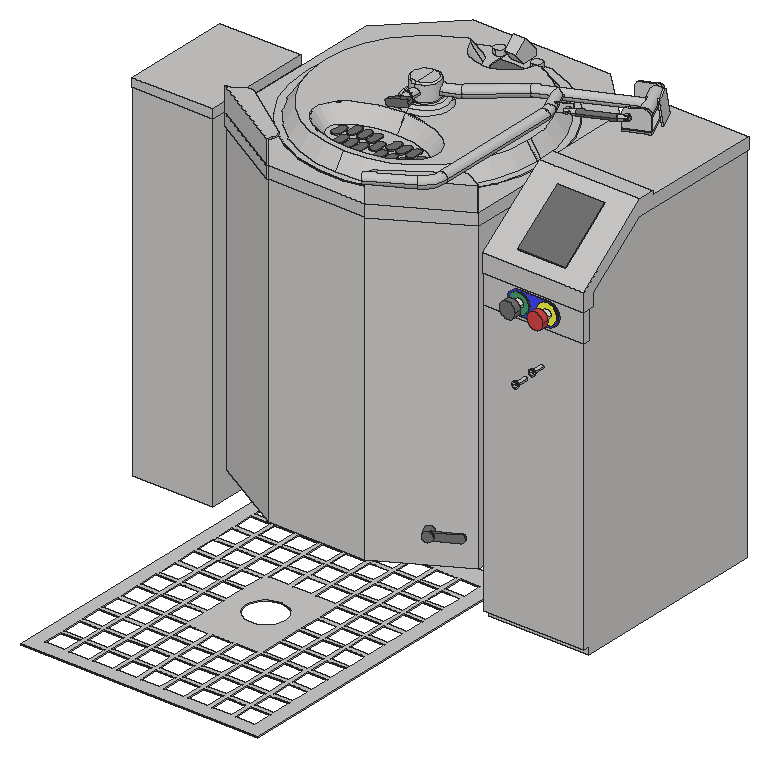
Revit family "QF_DIETATEC_CELER_100_180516035603", category Specialty Equipment, Revit 2015
Parameters
  Width [instance] = 1154 mm
  Weight in Pounds [instance] = 363.759
  Volts [instance] = 400 V
  URL Cutsheet [instance] = ""
  URL = "www.dietatec.com"
  Status [instance] = ""
  Specification by User [instance] = ""
  Specification by Manufacturer [instance] = ""
  Serial Number [instance] = "CELER_100"
  Seismic Rating [instance] = ""
  SMACNA No [instance] = ""
  Revision Code [instance] = ""
  Phase [instance] = 0
  Number of Poles [instance] = 3
  NAFEM Spec ID Number [instance] = ""
  Model = "57633"
  Min Ckt Ampacity [instance] = 0 A
  Max Overcurrent Protection [instance] = 0 A
  Masterspec [instance] = ""
  Manufacturer = "DIETATEC"
  ListPrice [instance] = 0
  Item Number [instance] = ""
  Installed By [instance] = ""
  Identify Quantity as Lot [instance] = yes
  Height [instance] = 1000 mm
  HP [instance] = ""
  Furnished By [instance] = ""
  Foodservice Equipment Identifier [instance] = yes
  FL Amps [instance] = 32 A
  Elec Conn RI Height [instance] = 0 mm
  Elec Conn Connection Height [instance] = 120 mm
  Description = "DIETA CELER 100 KETTLE, ELECTRIC MODEL"
  Depth [instance] = 770 mm
  Cycle [instance] = 50 Hz
  Conn Plug [instance] = ""
  Conn Conduit [instance] = yes
  CSI MasterFormat [instance] = ""
  Assembly Code = "E1090320"
  Apparent Power [instance] = 14500 VA
Reference planes
  plane 1 "Center (Front/Back)": y = 0
  plane 2: z = 0
  plane 3 "Center (Left/Right)": x = 0
Forms (mm)
  Extrusion 1, solid, not visible
    sketch origin (803.5, -97.5, 120) x (1, 0, 0) y (0, 1, 0)
      loop
        line (0, 0) -> (2, 0) -> (2, 2) -> (0, 2) -> (0, 0)
    from 0 to 2
Dimensions and locks
  aligned and locked: level to plane 2
Nested families
  nested 1: "QF_Dietatec_CELER_100_FL" at (0, 0, 0), type "57633_400_3"
    with Width 1154 mm, Status "", Specification by User "", Show Logo yes, Show Clearance yes, Revision Code "", Plumbing Remarks "", Plumbing Connection Type "", Number of Poles 3, ListPrice 0, Item Number "", Installed By "", Identify Quantity as Lot no, Height 1000 mm, Furnished By "", Foodservice Equipment Identifier yes, Electrical Remarks "", Electric Connection Type "", Elec Conn RI Height 0 mm, Elec Conn Connection Height 120 mm, Depth 770 mm, Conn Conduit no, Cold Water RI Height 120 mm, Cold Water Flow 0.0 L/s, Cold Water Consumption "", Cold Water Connection Height 120 mm
  nested 2: "QF_Dietatec_KETTLE_LEFT_LEG" at (0, 0, 0), type "KETTLE_LEFT_LEG"
    with Width 275 mm, Status "", Specification by User "", Show Logo yes, Show Clearance yes, Revision Code "", ListPrice 0, Item Number "", Installed By "", Identify Quantity as Lot no, Height 900 mm, Furnished By "", Foodservice Equipment Identifier yes, Depth 200 mm
Connectors
  electrical at (804.5, -95.5, 121), driven by "Volts"
    settings: on Extrusion 1, index 1, voltage 400 V, apparent load 14500 VA, apparent load phase1 0 VA, apparent load phase2 0 VA, apparent load phase3 0 VA, power factor 1, load classification "Other", number of poles 1, system type 30, power factor state 1, is connector primary yes, connector utility no, sub classification motor no, connector description "Electrical connection"
Definition of nested family "QF_Dietatec_CELER_100_FL"
  Parameters (values of type "57633_400_3")
    Width [instance] = 0 mm
    Weight in Pounds = 363.7623
    Watts = 14500 W
    Volts = 400 V
    URL Cutsheet = "www.dietatec.com"
    URL = "www.dietatec.com"
    Status [instance] = ""
    Specification by User [instance] = ""
    Specification by Manufacturer = ""
    Show Logo [instance] = yes
    Show Clearance [instance] = yes
    Serial Number = ""
    Seismic Rating = ""
    SMACNA No = ""
    Revision Code [instance] = ""
    Plumbing Remarks [instance] = ""
    Plumbing Connection Type [instance] = ""
    Phase = 3
    Number of Poles [instance] = 3
    NAFEM Spec ID Number = ""
    Model = "57633.000000000000"
    Min Ckt Ampacity = 0 A
    Max Overcurrent Protection = 0 A
    Masterspec = ""
    Manufacturer = "DIETATEC"
    ListPrice [instance] = 0
    Item Number [instance] = ""
    Installed By [instance] = ""
    Identify Quantity as Lot [instance] = no
    Height [instance] = 0 mm
    HP = "19.444790000000"
    Furnished By [instance] = ""
    Foodservice Equipment Identifier [instance] = yes
    FL Amps = 32 A
    Electrical Remarks [instance] = ""
    Electric Connection Type [instance] = ""
    Elec Conn RI Height [instance] = 0 mm
    Elec Conn Connection Height [instance] = 120 mm
    Description = "DIETA CELER 100 KETTLE, ELECTRIC MODEL"
    Depth [instance] = 0 mm
    Cycle = 50 Hz
    Conn Plug = ""
    Conn Conduit [instance] = no
    Cold Water Temperature Recommended = 0 °C
    Cold Water Size = 12.7 mm
    Cold Water RI Height [instance] = 120 mm
    Cold Water Minimum Pressure = 20000.0 Pa
    Cold Water Maximum Pressure = 50000.0 Pa
    Cold Water Flow [instance] = 0.0 L/s
    Cold Water Consumption [instance] = ""
    Cold Water Connection Height [instance] = 120 mm
    CSI MasterFormat = ""
    Assembly Code = "E1090320"
    Apparent Power = 14500 VA
  Reference planes
    plane 1 "Back": y = 0
    plane 2: z = 0
    plane 3 "Left": x = 0
    plane 4 "Right": x = 950.5
    plane 5 "Front": y = -769.992
    plane 6 "Top": z = 1000
  Forms (mm)
    Extrusion 1, solid
      sketch origin (1853.203, 903.185, 150) x (1, 0, 0) y (0, 1, 0)
        loop
          line (-1804.703, -1372.685) -> (-1804.703, -2172.685) -> (-1204.703, -2172.685) -> (-1204.703, -1372.685) -> (-1804.703, -1372.685)
        loop
          line (-1769.703, -1427.685) -> (-1769.703, -1477.685) -> (-1719.703, -1477.685) -> (-1719.703, -1427.685) -> (-1769.703, -1427.685)
        loop
          line (-1709.703, -1427.685) -> (-1709.703, -1477.685) -> (-1659.703, -1477.685) -> (-1659.703, -1427.685) -> (-1709.703, -1427.685)
        loop
          line (-1649.703, -1427.685) -> (-1649.703, -1477.685) -> (-1599.703, -1477.685) -> (-1599.703, -1427.685) -> (-1649.703, -1427.685)
        loop
          line (-1589.703, -1427.685) -> (-1589.703, -1477.685) -> (-1539.703, -1477.685) -> (-1539.703, -1427.685) -> (-1589.703, -1427.685)
        loop
          line (-1529.703, -1427.685) -> (-1529.703, -1477.685) -> (-1479.703, -1477.685) -> (-1479.703, -1427.685) -> (-1529.703, -1427.685)
        loop
          line (-1469.703, -1427.685) -> (-1469.703, -1477.685) -> (-1419.703, -1477.685) -> (-1419.703, -1427.685) -> (-1469.703, -1427.685)
        loop
          line (-1409.703, -1427.685) -> (-1409.703, -1477.685) -> (-1359.703, -1477.685) -> (-1359.703, -1427.685) -> (-1409.703, -1427.685)
        loop
          line (-1349.703, -1427.685) -> (-1349.703, -1477.685) -> (-1299.703, -1477.685) -> (-1299.703, -1427.685) -> (-1349.703, -1427.685)
        loop
          line (-1289.703, -1427.685) -> (-1289.703, -1477.685) -> (-1239.703, -1477.685) -> (-1239.703, -1427.685) -> (-1289.703, -1427.685)
        loop
          line (-1769.703, -1487.685) -> (-1769.703, -1537.685) -> (-1719.703, -1537.685) -> (-1719.703, -1487.685) -> (-1769.703, -1487.685)
        loop
          line (-1709.703, -1487.685) -> (-1709.703, -1537.685) -> (-1659.703, -1537.685) -> (-1659.703, -1487.685) -> (-1709.703, -1487.685)
        loop
          line (-1649.703, -1487.685) -> (-1649.703, -1537.685) -> (-1599.703, -1537.685) -> (-1599.703, -1487.685) -> (-1649.703, -1487.685)
        loop
          line (-1589.703, -1487.685) -> (-1589.703, -1537.685) -> (-1539.703, -1537.685) -> (-1539.703, -1487.685) -> (-1589.703, -1487.685)
        loop
          line (-1529.703, -1487.685) -> (-1529.703, -1537.685) -> (-1479.703, -1537.685) -> (-1479.703, -1487.685) -> (-1529.703, -1487.685)
        loop
          line (-1469.703, -1487.685) -> (-1469.703, -1537.685) -> (-1419.703, -1537.685) -> (-1419.703, -1487.685) -> (-1469.703, -1487.685)
        loop
          line (-1409.703, -1487.685) -> (-1409.703, -1537.685) -> (-1359.703, -1537.685) -> (-1359.703, -1487.685) -> (-1409.703, -1487.685)
        loop
          line (-1349.703, -1487.685) -> (-1349.703, -1537.685) -> (-1299.703, -1537.685) -> (-1299.703, -1487.685) -> (-1349.703, -1487.685)
        loop
          line (-1289.703, -1487.685) -> (-1289.703, -1537.685) -> (-1239.703, -1537.685) -> (-1239.703, -1487.685) -> (-1289.703, -1487.685)
        loop
          line (-1769.703, -1547.685) -> (-1769.703, -1597.685) -> (-1719.703, -1597.685) -> (-1719.703, -1547.685) -> (-1769.703, -1547.685)
        loop
          line (-1709.703, -1547.685) -> (-1709.703, -1597.685) -> (-1659.703, -1597.685) -> (-1659.703, -1547.685) -> (-1709.703, -1547.685)
        loop
          line (-1649.703, -1547.685) -> (-1649.703, -1597.685) -> (-1599.703, -1597.685) -> (-1599.703, -1547.685) -> (-1649.703, -1547.685)
        loop
          line (-1589.703, -1547.685) -> (-1589.703, -1597.685) -> (-1539.703, -1597.685) -> (-1539.703, -1547.685) -> (-1589.703, -1547.685)
        loop
          line (-1529.703, -1547.685) -> (-1529.703, -1597.685) -> (-1479.703, -1597.685) -> (-1479.703, -1547.685) -> (-1529.703, -1547.685)
        loop
          line (-1469.703, -1547.685) -> (-1469.703, -1597.685) -> (-1419.703, -1597.685) -> (-1419.703, -1547.685) -> (-1469.703, -1547.685)
        loop
          line (-1409.703, -1547.685) -> (-1409.703, -1597.685) -> (-1359.703, -1597.685) -> (-1359.703, -1547.685) -> (-1409.703, -1547.685)
        loop
          line (-1349.703, -1547.685) -> (-1349.703, -1597.685) -> (-1299.703, -1597.685) -> (-1299.703, -1547.685) -> (-1349.703, -1547.685)
        loop
          line (-1289.703, -1547.685) -> (-1289.703, -1597.685) -> (-1239.703, -1597.685) -> (-1239.703, -1547.685) -> (-1289.703, -1547.685)
        loop
          line (-1769.703, -1607.685) -> (-1769.703, -1657.685) -> (-1719.703, -1657.685) -> (-1719.703, -1607.685) -> (-1769.703, -1607.685)
        loop
          line (-1709.703, -1607.685) -> (-1709.703, -1657.685) -> (-1659.703, -1657.685) -> (-1659.703, -1607.685) -> (-1709.703, -1607.685)
        loop
          line (-1649.703, -1607.685) -> (-1649.703, -1657.685) -> (-1599.703, -1657.685) -> (-1599.703, -1607.685) -> (-1649.703, -1607.685)
        loop
          line (-1589.703, -1607.685) -> (-1589.703, -1657.685) -> (-1539.703, -1657.685) -> (-1539.703, -1607.685) -> (-1589.703, -1607.685)
        loop
          line (-1529.703, -1607.685) -> (-1529.703, -1657.685) -> (-1479.703, -1657.685) -> (-1479.703, -1607.685) -> (-1529.703, -1607.685)
        loop
          line (-1469.703, -1607.685) -> (-1469.703, -1657.685) -> (-1419.703, -1657.685) -> (-1419.703, -1607.685) -> (-1469.703, -1607.685)
        loop
          line (-1409.703, -1607.685) -> (-1409.703, -1657.685) -> (-1359.703, -1657.685) -> (-1359.703, -1607.685) -> (-1409.703, -1607.685)
        loop
          line (-1349.703, -1607.685) -> (-1349.703, -1657.685) -> (-1299.703, -1657.685) -> (-1299.703, -1607.685) -> (-1349.703, -1607.685)
        loop
          line (-1289.703, -1607.685) -> (-1289.703, -1657.685) -> (-1239.703, -1657.685) -> (-1239.703, -1607.685) -> (-1289.703, -1607.685)
        loop
          line (-1769.703, -1667.685) -> (-1769.703, -1717.685) -> (-1719.703, -1717.685) -> (-1719.703, -1667.685) -> (-1769.703, -1667.685)
        loop
          line (-1709.703, -1667.685) -> (-1709.703, -1717.685) -> (-1659.703, -1717.685) -> (-1659.703, -1667.685) -> (-1709.703, -1667.685)
        loop
          line (-1649.703, -1667.685) -> (-1649.703, -1717.685) -> (-1599.703, -1717.685) -> (-1599.703, -1667.685) -> (-1649.703, -1667.685)
        loop
          line (-1409.703, -1667.685) -> (-1409.703, -1717.685) -> (-1359.703, -1717.685) -> (-1359.703, -1667.685) -> (-1409.703, -1667.685)
        loop
          line (-1349.703, -1667.685) -> (-1349.703, -1717.685) -> (-1299.703, -1717.685) -> (-1299.703, -1667.685) -> (-1349.703, -1667.685)
        loop
          line (-1289.703, -1667.685) -> (-1289.703, -1717.685) -> (-1239.703, -1717.685) -> (-1239.703, -1667.685) -> (-1289.703, -1667.685)
        loop
          line (-1769.703, -1727.685) -> (-1769.703, -1777.685) -> (-1719.703, -1777.685) -> (-1719.703, -1727.685) -> (-1769.703, -1727.685)
        loop
          line (-1709.703, -1727.685) -> (-1709.703, -1777.685) -> (-1659.703, -1777.685) -> (-1659.703, -1727.685) -> (-1709.703, -1727.685)
        loop
          line (-1649.703, -1727.685) -> (-1649.703, -1777.685) -> (-1599.703, -1777.685) -> (-1599.703, -1727.685) -> (-1649.703, -1727.685)
        loop
          line (-1409.703, -1727.685) -> (-1409.703, -1777.685) -> (-1359.703, -1777.685) -> (-1359.703, -1727.685) -> (-1409.703, -1727.685)
        loop
          line (-1349.703, -1727.685) -> (-1349.703, -1777.685) -> (-1299.703, -1777.685) -> (-1299.703, -1727.685) -> (-1349.703, -1727.685)
        loop
          line (-1289.703, -1727.685) -> (-1289.703, -1777.685) -> (-1239.703, -1777.685) -> (-1239.703, -1727.685) -> (-1289.703, -1727.685)
        loop
          line (-1769.703, -1787.685) -> (-1769.703, -1837.685) -> (-1719.703, -1837.685) -> (-1719.703, -1787.685) -> (-1769.703, -1787.685)
        loop
          line (-1709.703, -1787.685) -> (-1709.703, -1837.685) -> (-1659.703, -1837.685) -> (-1659.703, -1787.685) -> (-1709.703, -1787.685)
        loop
          line (-1649.703, -1787.685) -> (-1649.703, -1837.685) -> (-1599.703, -1837.685) -> (-1599.703, -1787.685) -> (-1649.703, -1787.685)
        loop
          line (-1409.703, -1787.685) -> (-1409.703, -1837.685) -> (-1359.703, -1837.685) -> (-1359.703, -1787.685) -> (-1409.703, -1787.685)
        loop
          line (-1349.703, -1787.685) -> (-1349.703, -1837.685) -> (-1299.703, -1837.685) -> (-1299.703, -1787.685) -> (-1349.703, -1787.685)
        loop
          line (-1289.703, -1787.685) -> (-1289.703, -1837.685) -> (-1239.703, -1837.685) -> (-1239.703, -1787.685) -> (-1289.703, -1787.685)
        loop
          line (-1769.703, -1847.685) -> (-1769.703, -1897.685) -> (-1719.703, -1897.685) -> (-1719.703, -1847.685) -> (-1769.703, -1847.685)
        loop
          line (-1709.703, -1847.685) -> (-1709.703, -1897.685) -> (-1659.703, -1897.685) -> (-1659.703, -1847.685) -> (-1709.703, -1847.685)
        loop
          line (-1649.703, -1847.685) -> (-1649.703, -1897.685) -> (-1599.703, -1897.685) -> (-1599.703, -1847.685) -> (-1649.703, -1847.685)
        loop
          line (-1409.703, -1847.685) -> (-1409.703, -1897.685) -> (-1359.703, -1897.685) -> (-1359.703, -1847.685) -> (-1409.703, -1847.685)
        loop
          line (-1349.703, -1847.685) -> (-1349.703, -1897.685) -> (-1299.703, -1897.685) -> (-1299.703, -1847.685) -> (-1349.703, -1847.685)
        loop
          line (-1289.703, -1847.685) -> (-1289.703, -1897.685) -> (-1239.703, -1897.685) -> (-1239.703, -1847.685) -> (-1289.703, -1847.685)
        loop
          line (-1769.703, -1907.685) -> (-1769.703, -1957.685) -> (-1719.703, -1957.685) -> (-1719.703, -1907.685) -> (-1769.703, -1907.685)
        loop
          line (-1709.703, -1907.685) -> (-1709.703, -1957.685) -> (-1659.703, -1957.685) -> (-1659.703, -1907.685) -> (-1709.703, -1907.685)
        loop
          line (-1649.703, -1907.685) -> (-1649.703, -1957.685) -> (-1599.703, -1957.685) -> (-1599.703, -1907.685) -> (-1649.703, -1907.685)
        loop
          line (-1589.703, -1907.685) -> (-1589.703, -1957.685) -> (-1539.703, -1957.685) -> (-1539.703, -1907.685) -> (-1589.703, -1907.685)
        loop
          line (-1529.703, -1907.685) -> (-1529.703, -1957.685) -> (-1479.703, -1957.685) -> (-1479.703, -1907.685) -> (-1529.703, -1907.685)
        loop
          line (-1469.703, -1907.685) -> (-1469.703, -1957.685) -> (-1419.703, -1957.685) -> (-1419.703, -1907.685) -> (-1469.703, -1907.685)
        loop
          line (-1409.703, -1907.685) -> (-1409.703, -1957.685) -> (-1359.703, -1957.685) -> (-1359.703, -1907.685) -> (-1409.703, -1907.685)
        loop
          line (-1349.703, -1907.685) -> (-1349.703, -1957.685) -> (-1299.703, -1957.685) -> (-1299.703, -1907.685) -> (-1349.703, -1907.685)
        loop
          line (-1289.703, -1907.685) -> (-1289.703, -1957.685) -> (-1239.703, -1957.685) -> (-1239.703, -1907.685) -> (-1289.703, -1907.685)
        loop
          line (-1769.703, -1967.685) -> (-1769.703, -2017.685) -> (-1719.703, -2017.685) -> (-1719.703, -1967.685) -> (-1769.703, -1967.685)
        loop
          line (-1709.703, -1967.685) -> (-1709.703, -2017.685) -> (-1659.703, -2017.685) -> (-1659.703, -1967.685) -> (-1709.703, -1967.685)
        loop
          line (-1649.703, -1967.685) -> (-1649.703, -2017.685) -> (-1599.703, -2017.685) -> (-1599.703, -1967.685) -> (-1649.703, -1967.685)
        loop
          line (-1589.703, -1967.685) -> (-1589.703, -2017.685) -> (-1539.703, -2017.685) -> (-1539.703, -1967.685) -> (-1589.703, -1967.685)
        loop
          line (-1529.703, -1967.685) -> (-1529.703, -2017.685) -> (-1479.703, -2017.685) -> (-1479.703, -1967.685) -> (-1529.703, -1967.685)
        loop
          line (-1469.703, -1967.685) -> (-1469.703, -2017.685) -> (-1419.703, -2017.685) -> (-1419.703, -1967.685) -> (-1469.703, -1967.685)
        loop
          line (-1409.703, -1967.685) -> (-1409.703, -2017.685) -> (-1359.703, -2017.685) -> (-1359.703, -1967.685) -> (-1409.703, -1967.685)
        loop
          line (-1349.703, -1967.685) -> (-1349.703, -2017.685) -> (-1299.703, -2017.685) -> (-1299.703, -1967.685) -> (-1349.703, -1967.685)
        loop
          line (-1289.703, -1967.685) -> (-1289.703, -2017.685) -> (-1239.703, -2017.685) -> (-1239.703, -1967.685) -> (-1289.703, -1967.685)
        loop
          line (-1769.703, -2027.685) -> (-1769.703, -2077.685) -> (-1719.703, -2077.685) -> (-1719.703, -2027.685) -> (-1769.703, -2027.685)
        loop
          line (-1709.703, -2027.685) -> (-1709.703, -2077.685) -> (-1659.703, -2077.685) -> (-1659.703, -2027.685) -> (-1709.703, -2027.685)
        loop
          line (-1649.703, -2027.685) -> (-1649.703, -2077.685) -> (-1599.703, -2077.685) -> (-1599.703, -2027.685) -> (-1649.703, -2027.685)
        loop
          line (-1589.703, -2027.685) -> (-1589.703, -2077.685) -> (-1539.703, -2077.685) -> (-1539.703, -2027.685) -> (-1589.703, -2027.685)
        loop
          line (-1529.703, -2027.685) -> (-1529.703, -2077.685) -> (-1479.703, -2077.685) -> (-1479.703, -2027.685) -> (-1529.703, -2027.685)
        loop
          line (-1469.703, -2027.685) -> (-1469.703, -2077.685) -> (-1419.703, -2077.685) -> (-1419.703, -2027.685) -> (-1469.703, -2027.685)
        loop
          line (-1409.703, -2027.685) -> (-1409.703, -2077.685) -> (-1359.703, -2077.685) -> (-1359.703, -2027.685) -> (-1409.703, -2027.685)
        loop
          line (-1349.703, -2027.685) -> (-1349.703, -2077.685) -> (-1299.703, -2077.685) -> (-1299.703, -2027.685) -> (-1349.703, -2027.685)
        loop
          line (-1289.703, -2027.685) -> (-1289.703, -2077.685) -> (-1239.703, -2077.685) -> (-1239.703, -2027.685) -> (-1289.703, -2027.685)
        loop
          line (-1769.703, -2087.685) -> (-1769.703, -2137.685) -> (-1719.703, -2137.685) -> (-1719.703, -2087.685) -> (-1769.703, -2087.685)
        loop
          line (-1709.703, -2087.685) -> (-1709.703, -2137.685) -> (-1659.703, -2137.685) -> (-1659.703, -2087.685) -> (-1709.703, -2087.685)
        loop
          line (-1649.703, -2087.685) -> (-1649.703, -2137.685) -> (-1599.703, -2137.685) -> (-1599.703, -2087.685) -> (-1649.703, -2087.685)
        loop
          line (-1589.703, -2087.685) -> (-1589.703, -2137.685) -> (-1539.703, -2137.685) -> (-1539.703, -2087.685) -> (-1589.703, -2087.685)
        loop
          line (-1529.703, -2087.685) -> (-1529.703, -2137.685) -> (-1479.703, -2137.685) -> (-1479.703, -2087.685) -> (-1529.703, -2087.685)
        loop
          line (-1469.703, -2087.685) -> (-1469.703, -2137.685) -> (-1419.703, -2137.685) -> (-1419.703, -2087.685) -> (-1469.703, -2087.685)
        loop
          line (-1409.703, -2087.685) -> (-1409.703, -2137.685) -> (-1359.703, -2137.685) -> (-1359.703, -2087.685) -> (-1409.703, -2087.685)
        loop
          line (-1349.703, -2087.685) -> (-1349.703, -2137.685) -> (-1299.703, -2137.685) -> (-1299.703, -2087.685) -> (-1349.703, -2087.685)
        loop
          line (-1289.703, -2087.685) -> (-1289.703, -2137.685) -> (-1239.703, -2137.685) -> (-1239.703, -2087.685) -> (-1289.703, -2087.685)
        loop
          circle (-1504.703, -1772.685) r 50
      from -150 to -148
    Extrusion 2, solid
      sketch origin (-203, -1000, 0) x (0, 1, 0) y (0, 0, 1)
        loop
          line (899, 0) -> (899, 921.5) -> (555.633, 921.5) -> (410.5, 812.65) -> (410.5, 782.65) -> (397.5, 782.65) -> (397.5, 710.15) -> (382, 710.15) -> (382, 19) -> (397.5, 19) -> (397.5, 0) -> (899, 0)
      from 901 to 1152
    Extrusion 3, solid
      sketch origin (-203, 0, 0) x (0, 1, 0) y (0, 0, 1)
        loop
          line (-602.5, 782.65) -> (-618, 782.65) -> (-618, 710.15) -> (-602.5, 710.15) -> (-602.5, 782.65)
      from 901 to 1152
    Extrusion 4, solid
      sketch origin (48.5, -732.029, 6.15) x (1, 0, 0) y (0, 0, 1)
        loop
          circle (740, 741) r 10
      from -112.029 to -90
    Extrusion 5, solid
      sketch origin (48.5, -792.029, 6.15) x (1, 0, 0) y (0, 0, 1)
        loop
          circle (740, 741) r 20
      from -150 to -135
    Extrusion 6, solid
      sketch origin (48.5, -768, 6.15) x (1, 0, 0) y (0, 0, 1)
        loop
          circle (740, 741) r 25
      from -150 to -148
    Extrusion 7, solid
      sketch origin (118.5, -732.029, 6.15) x (1, 0, 0) y (0, 0, 1)
        loop
          circle (740, 741) r 10
      from -112.029 to -90
    Extrusion 8, solid
      sketch origin (118.5, -792.029, 6.15) x (1, 0, 0) y (0, 0, 1)
        loop
          circle (740, 741) r 20
      from -150 to -135
    Extrusion 9, solid
      sketch origin (118.5, -768, 6.15) x (1, 0, 0) y (0, 0, 1)
        loop
          circle (740, 741) r 25
      from -150 to -148
    Extrusion 10, solid
      sketch origin (130.5, -767, -53.35) x (1, 0, 0) y (0, 0, 1)
        loop
          arc (658, 830.5) -> (628, 800.5) -> (658, 770.5) r 30
          line (658, 770.5) -> (728, 770.5)
          arc (728, 770.5) -> (758, 800.5) -> (728, 830.5) r 30
          line (728, 830.5) -> (658, 830.5)
      from -150 to -148
    Extrusion 11, solid
      sketch origin (-203, 0, 0) x (0, 1, 0) y (0, 0, 1)
        loop
          line (-468.4, 941.6) -> (-593.2, 848) -> (-592, 846.4) -> (-467.2, 940) -> (-468.4, 941.6)
      from 966.5 to 1086.5
    Revolve 12, solid
      sketch origin (-203, 0, 580) x (1, 0, 0) y (0, 1, 0)
        loop
          line (1009.5, -618.013) -> (1005.5, -618.013) -> (1005.5, -651) -> (1012.485, -651)
          arc (1012.485, -651) -> (1012.849, -650.849) -> (1013, -650.485) r 0.515
          line (1013, -650.485) -> (1013, -648.5) -> (1009.5, -648.5) -> (1009.5, -618.013)
        axis (1005.5, -651) -> (1005.5, -618.013)
      angle from 0 to 360
    Revolve 13, solid
      sketch origin (-161, 0, 622) x (1, 0, 0) y (0, 1, 0)
        loop
          line (1009.5, -618.003) -> (1005.5, -618.003) -> (1005.5, -651) -> (1012.485, -651)
          arc (1012.485, -651) -> (1012.849, -650.849) -> (1013, -650.485) r 0.515
          line (1013, -650.485) -> (1013, -648.5) -> (1009.5, -648.5) -> (1009.5, -618.003)
        axis (1005.5, -651) -> (1005.5, -618.003)
      angle from 0 to 360
    Revolve 14, solid
      sketch origin (-203, -476, 0) x (1, 0, 0) y (0, 0, 1)
        loop
          line (204.5, 825) -> (201.5, 825) -> (201.5, 775) -> (233, 775) -> (233, 837.5) -> (232.15, 837.5) -> (232.15, 824.35)
          arc (232.15, 824.35) -> (230.796, 821.35) -> (227.65, 820.381) r 4
          line (227.65, 820.381) -> (227.65, 819.45) -> (213, 819.45) -> (213, 818.5) -> (204.5, 818.5) -> (204.5, 825)
        axis (233, 775) -> (201.5, 775)
      angle from 0 to 360
    Revolve 15, solid
      sketch origin (900, -476, 0) x (-1, 0, 0) y (0, 0, -1)
        loop
          line (204.5, -825) -> (204.5, -818.5) -> (213, -818.5) -> (213, -819.45) -> (227.65, -819.45) -> (227.65, -820.381)
          arc (227.65, -820.381) -> (230.796, -821.35) -> (232.15, -824.35) r 4
          line (232.15, -824.35) -> (232.15, -837.5) -> (233, -837.5) -> (233, -775) -> (201.5, -775) -> (201.5, -825) -> (204.5, -825)
        axis (233, -775) -> (201.5, -775)
      angle from 0 to 360
    Extrusion 16, solid
      sketch origin (-203, 0, 0) x (1, 0, 0) y (0, 1, 0)
        loop
          line (722.48, -3.3) -> (380.52, -3.3) -> (233.3, -150.52) -> (233.3, -596.343) -> (430.16, -710) -> (672.84, -710) -> (869.7, -596.343) -> (869.7, -150.52) -> (722.48, -3.3)
      from 93.772 to 870
    Extrusion 17, solid
      sketch origin (-203, 0, 27) x (1, 0, 0) y (0, 1, 0)
        loop
          line (430.16, -710) -> (672.84, -710) -> (674, -709.33) -> (675.65, -712.188) -> (873, -598.248) -> (873, -149.153) -> (723.847, 0) -> (379.153, 0) -> (230, -149.153) -> (230, -598.248) -> (427.35, -712.188) -> (429, -709.33) -> (430.16, -710)
      from 843 to 873
    Extrusion 18, solid
      sketch origin (-203, 0, 1020) x (1, 0, 0) y (0, 1, 0)
        loop
          line (674, -709.33) -> (675.65, -712.188) -> (870.593, -599.638) -> (868.943, -596.78) -> (674, -709.33)
        loop
          line (429, -709.33) -> (234.057, -596.78) -> (232.407, -599.638) -> (427.35, -712.188) -> (429, -709.33)
      from -120 to -59.435
    Extrusion 19, solid
      sketch origin (-203, 0, 1040) x (1, 0, 0) y (0, 1, 0)
        loop
          line (241.167, -594.601) -> (234.057, -596.78) -> (232.407, -599.638) -> (427.35, -712.188) -> (433.173, -702.102)
          arc (433.173, -702.102) -> (435.379, -687.773) -> (427.324, -675.719) r 20
          line (427.324, -675.719) -> (290.139, -579.661)
          arc (290.139, -579.661) -> (279.54, -576.063) -> (268.668, -578.723) r 20
          line (268.668, -578.723) -> (241.167, -594.601)
        loop
          line (861.833, -594.601) -> (834.332, -578.723)
          arc (834.332, -578.723) -> (823.46, -576.063) -> (812.861, -579.661) r 20
          line (812.861, -579.661) -> (675.676, -675.719)
          arc (675.676, -675.719) -> (667.621, -687.773) -> (669.827, -702.102) r 20
          line (669.827, -702.102) -> (675.65, -712.188) -> (870.593, -599.638) -> (868.943, -596.78) -> (861.833, -594.601)
      from -81.15 to -78.15
    Revolve 20, solid
      sketch origin (348.5, 0, 0) x (0, 1, 0) y (0, 0, 1)
        loop
          line (-366, 995.5) -> (-366, 937.455) -> (-307.025, 937.455) -> (-312.103, 946.25)
          arc (-312.103, 946.25) -> (-315.946, 950.093) -> (-321.196, 951.5) r 10.5
          line (-321.196, 951.5) -> (-331, 951.5) -> (-331, 953.5) -> (-332.5, 953.5) -> (-332.5, 992) -> (-336, 995.5) -> (-366, 995.5)
        axis (-366, 937.455) -> (-366, 995.5)
      angle from 0 to 360
    Extrusion 21, solid
      sketch origin (-203, 0, 879.5) x (1, 0, 0) y (0, 1, 0)
        loop
          arc (471.1, -61.974) -> (312.628, -169.506) -> (251.5, -351) r 300
          line (251.5, -351) -> (251.5, -366)
          arc (251.5, -366) -> (551.5, -666) -> (851.5, -366) r 300
          line (851.5, -366) -> (851.5, -351)
          arc (851.5, -351) -> (790.372, -169.506) -> (631.9, -61.974) r 300
          arc (631.9, -61.974) -> (625.262, -60.605) -> (618.5, -60.145) r 50
          line (618.5, -60.145) -> (599, -60.145)
          arc (599, -60.145) -> (590.161, -63.806) -> (586.5, -72.645) r 12.5
          arc (586.5, -72.645) -> (585.938, -92.703) -> (584.308, -112.702) r 376.25
          arc (584.308, -112.702) -> (551.5, -142.145) -> (518.692, -112.702) r 33
          arc (518.692, -112.702) -> (517.061, -92.687) -> (516.5, -72.613) r 376.25
          arc (516.5, -72.613) -> (512.828, -63.795) -> (504, -60.145) r 12.5
          line (504, -60.145) -> (484.5, -60.145)
          arc (484.5, -60.145) -> (477.738, -60.605) -> (471.1, -61.974) r 50
      from 20 to 22
    Blend 22, solid
      base sketch origin (-203, 0, 0) x (1, 0, 0) y (0, 1, 0)
        loop
          arc (445.186, -92.991) -> (316.303, -197.386) -> (267.817, -356) r 283.683
          line (267.817, -356) -> (267.817, -366)
          arc (267.817, -366) -> (350.906, -566.594) -> (551.5, -649.683) r 283.683
          line (551.5, -649.683) -> (551.5, -579.302)
          spline (551.5, -579.302) -> (518.804, -577.213) -> (488.336, -571.089) -> (462.172, -561.347) -> (442.096, -548.651) -> (429.476, -533.866) -> (425.171, -518) -> (429.476, -502.134) -> (442.096, -487.349) -> (462.172, -474.653) -> (488.336, -464.911) -> (518.804, -458.787) -> (551.5, -456.698)
          line (551.5, -456.698) -> (551.5, -157.317)
          arc (551.5, -157.317) -> (519.464, -146.743) -> (500.017, -119.177) r 53.817
          arc (500.017, -119.177) -> (478.368, -94.01) -> (445.186, -92.991) r 41.183
      top sketch origin (-203, 0, 0) x (1, 0, 0) y (0, 1, 0)
        loop
          arc (455.212, -117.796) -> (338.484, -212.345) -> (294.571, -356) r 256.929
          line (294.571, -356) -> (294.571, -366)
          arc (294.571, -366) -> (369.824, -547.676) -> (551.5, -622.929) r 256.929
          line (551.5, -622.929) -> (551.5, -608)
          spline (551.5, -608) -> (511.332, -604.933) -> (473.902, -595.942) -> (441.76, -581.64) -> (417.097, -563) -> (401.592, -541.294) -> (396.304, -518) -> (401.592, -494.706) -> (417.097, -473) -> (441.76, -454.36) -> (473.902, -440.058) -> (511.332, -431.067) -> (551.5, -428)
          line (551.5, -428) -> (551.5, -184.071)
          arc (551.5, -184.071) -> (503.538, -168.24) -> (474.423, -126.97) r 80.571
          arc (474.423, -126.97) -> (466.838, -118.153) -> (455.212, -117.796) r 14.429
      from 901.5 to 937.63
    Extrusion 23, solid
      sketch origin (-203, 0, 0) x (0, 1, 0) y (0, 0, 1)
        loop
          line (-37.248, 900) -> (-37.248, 917.876) -> (-67.284, 953.672) -> (-97.926, 927.96) -> (-74.464, 900) -> (-37.248, 900)
      from 536.5 to 566.5
    Extrusion 24, solid
      sketch origin (-203, -420, 0) x (1, 0, 0) y (0, 0, 1)
        loop
          arc (524.133, 972.678) -> (522.051, 970.677) -> (521.857, 967.795) r 4.004
          line (521.857, 967.795) -> (523.853, 961.376)
          arc (523.853, 961.376) -> (525.646, 959.116) -> (528.494, 958.65) r 4
          line (528.494, 958.65) -> (545.58, 962.233) -> (562.767, 967.58) -> (578.87, 974.324)
          arc (578.87, 974.324) -> (580.95, 976.323) -> (581.145, 979.201) r 4
          line (581.145, 979.201) -> (579.147, 985.624)
          arc (579.147, 985.624) -> (577.354, 987.884) -> (574.506, 988.35) r 4
          line (574.506, 988.35) -> (557.42, 984.767) -> (540.233, 979.42) -> (524.133, 972.678)
      from 23.355 to 35.355
    Revolve 25, solid
      sketch origin (-203, 0, 973.5) x (1, 0, 0) y (0, 1, 0)
        loop
          line (541.5, -394.5) -> (541.5, -418.855) -> (542.908, -418.855) -> (542.908, -421.355) -> (547, -421.355) -> (547, -423.355) -> (542.5, -423.355) -> (542.5, -443.355) -> (551.5, -443.355) -> (551.5, -394.5) -> (541.5, -394.5)
        axis (551.5, -443.355) -> (551.5, -394.5)
      angle from 0 to 360
    Sweep 26, solid
      path origin (-203, 0, 991.467) x (1, 0, 0) y (0, 1, 0)
        loop
          line (713.848, -769.992) -> (810.092, -714.426)
          arc (810.092, -714.426) -> (832.969, -691.549) -> (841.342, -660.299) r 62.5
          line (841.342, -660.299) -> (841.342, -336.028)
          arc (841.342, -336.028) -> (839.861, -322.501) -> (835.486, -309.615) r 62.5
          line (835.486, -309.615) -> (806.642, -247.757)
      profile origin (638.342, -498.164, 991.467) x (-1, 0, 0) y (0, 0, 1)
        loop
          circle (12.5, 0) r 12.5
    Sweep 27, solid
      path origin (-142.68, -595.041, 0) x (0.906308, 0.422618, 0) y (0, 0, 1)
        loop
          line (564.254, 957.5) -> (619.254, 957.5) -> (759.731, 979) -> (989.731, 979)
      profile origin (393.631, -344.955, 957.5) x (0, 0, 1) y (0.422618, -0.906308, 0)
        loop
          circle (12.5, 0) r 12.5
    Extrusion 28, solid
      sketch origin (386.171, -935.322, -130.924) x (0.866025, 0.5, 0) y (0, 0, 1)
        loop
          circle (315, 303) r 12
      from -150 to -125
    Extrusion 29, solid
      sketch origin (395.171, -950.91, -130.924) x (0.866025, 0.5, 0) y (0, 0, 1)
        loop
          line (321.633, 293) -> (381, 293)
          arc (381, 293) -> (391, 303) -> (381, 313) r 10
          line (381, 313) -> (321.633, 313)
          arc (321.633, 313) -> (327, 303) -> (321.633, 293) r 12
      from -150 to -145
    Extrusion 30, solid
      sketch origin (-203, 0, 950) x (1, 0, 0) y (0, 1, 0)
        loop
          line (858.004, -281.002) -> (817.22, -300.02) -> (818.488, -302.739) -> (859.272, -283.721) -> (858.004, -281.002)
      from 30 to 53
    Revolve 31, solid
      sketch origin (-203, 0, 991.5) x (1, 0, 0) y (0, 1, 0)
        loop
          line (870.848, -285.378) -> (847.634, -296.204)
          arc (847.634, -296.204) -> (847.606, -298.584) -> (848.28, -300.868) r 8
          line (848.28, -300.868) -> (872.75, -289.457) -> (870.848, -285.378)
        loop
          line (944.709, -250.937) -> (946.611, -255.015) -> (971.081, -243.604)
          arc (971.081, -243.604) -> (969.765, -241.62) -> (967.924, -240.112) r 8
          line (967.924, -240.112) -> (944.709, -250.937)
        axis (848.28, -300.868) -> (971.081, -243.604)
      angle from 0 to 360
    Revolve 32, solid
      sketch origin (-203, 0, 991.5) x (1, 0, 0) y (0, 1, 0)
        loop
          line (872.524, -289.563) -> (946.841, -254.908) -> (943.671, -248.111) -> (869.354, -282.765) -> (872.524, -289.563)
        axis (872.524, -289.563) -> (946.841, -254.908)
      angle from 0 to 360
    Revolve 33, solid
      sketch origin (-203, 0, 991.83) x (1, 0, 0) y (0, 1, 0)
        loop
          line (856.34, -305.494) -> (858.742, -304.375) -> (845.326, -275.604) -> (843.514, -276.449) -> (843.03, -277.778) -> (848.207, -288.881) -> (846.394, -289.726) -> (847.602, -292.316)
          arc (847.602, -292.316) -> (848.524, -291.928) -> (849.43, -291.504) r 25
          line (849.43, -291.504) -> (851.438, -294.982) -> (856.34, -305.494)
        axis (845.326, -275.604) -> (858.742, -304.375)
      angle from 0 to 360
    Revolve 34, solid
      sketch origin (1082.87, 599.611, 991.83) x (-0.642788, -0.766044, 0) y (0.766044, -0.642788, 0)
        loop
          line (856.34, 305.494) -> (851.438, 294.982) -> (849.43, 291.504)
          arc (849.43, 291.504) -> (848.524, 291.928) -> (847.602, 292.316) r 25
          line (847.602, 292.316) -> (846.394, 289.726) -> (848.207, 288.881) -> (843.03, 277.778) -> (843.514, 276.449) -> (845.326, 275.604) -> (858.742, 304.375) -> (856.34, 305.494)
        axis (845.326, 275.604) -> (858.742, 304.375)
      angle from 0 to 360
    Extrusion 35, solid
      sketch origin (-723.621, -648.922, 0) x (0.906308, 0.422618, 0) y (0, 0, 1)
        loop
          arc (1518.24, 1010.5) -> (1507.633, 1006.107) -> (1503.24, 995.5) r 15
          line (1503.24, 995.5) -> (1503.24, 961.15) -> (1563.24, 961.15) -> (1563.24, 995.5)
          arc (1563.24, 995.5) -> (1558.846, 1006.107) -> (1548.24, 1010.5) r 15
          line (1548.24, 1010.5) -> (1518.24, 1010.5)
      from 141.433 to 145.433
    Extrusion 36, solid
      sketch origin (-678.612, -745.444, 0) x (0.906308, 0.422618, 0) y (0, 0, 1)
        loop
          arc (1518.24, 1010.5) -> (1507.633, 1006.107) -> (1503.24, 995.5) r 15
          line (1503.24, 995.5) -> (1503.24, 961.15) -> (1563.24, 961.15) -> (1563.24, 995.5)
          arc (1563.24, 995.5) -> (1558.846, 1006.107) -> (1548.24, 1010.5) r 15
          line (1548.24, 1010.5) -> (1518.24, 1010.5)
      from 141.433 to 145.433
    Extrusion 37, solid
      sketch origin (-133.615, -590.593, 0) x (0.906308, 0.422618, 0) y (0, 0, 1)
        loop
          circle (988.861, 991.5) r 15
      from -51.05 to 51.45
    Extrusion 38, solid
      sketch origin (-203, 0, 898.3) x (1, 0, 0) y (0, 1, 0)
        loop
          arc (586.069, -90.158) -> (551.5, -88) -> (516.931, -90.158) r 278
          arc (516.931, -90.158) -> (517.642, -101.443) -> (518.692, -112.702) r 376.25
          arc (518.692, -112.702) -> (551.5, -142.145) -> (584.308, -112.702) r 33
          arc (584.308, -112.702) -> (585.358, -101.443) -> (586.069, -90.158) r 376.25
      from 0 to 2
    Extrusion 39, solid
      sketch origin (251.619, 1234.156, 0) x (0.422618, -0.906308, 0) y (0, 0, 1)
        loop
          line (1435.928, 961.15) -> (1435.928, 959.475)
          arc (1435.928, 959.475) -> (1438.263, 953.836) -> (1443.902, 951.5) r 7.975
          line (1443.902, 951.5) -> (1538.453, 951.5)
          arc (1538.453, 951.5) -> (1544.092, 953.836) -> (1546.428, 959.475) r 7.975
          line (1546.428, 959.475) -> (1546.428, 961.15) -> (1542.428, 961.15) -> (1542.428, 959.475)
          arc (1542.428, 959.475) -> (1541.263, 956.664) -> (1538.453, 955.5) r 3.975
          line (1538.453, 955.5) -> (1443.902, 955.5)
          arc (1443.902, 955.5) -> (1441.092, 956.664) -> (1439.928, 959.475) r 3.975
          line (1439.928, 959.475) -> (1439.928, 961.15) -> (1435.928, 961.15)
      from 116.451 to 176.451
    Extrusion 40, solid
      sketch origin (506.129, 845.214, 13.851) x (0.421008, -0.907057, 0) y (-0.153433, -0.071216, 0.985589)
        loop
          line (1006.415, 961.15) -> (1056.415, 961.15) -> (1056.415, 1013.467)
          arc (1056.415, 1013.467) -> (1054.95, 1017.002) -> (1051.415, 1018.467) r 5
          arc (1051.415, 1018.467) -> (1031.415, 1014.603) -> (1011.415, 1018.467) r 53.69
          arc (1011.415, 1018.467) -> (1007.879, 1017.002) -> (1006.415, 1013.467) r 5
          line (1006.415, 1013.467) -> (1006.415, 961.15)
      from 0 to 4
    Extrusion 41, solid, visible <- "Show Clearance", detail levels coarse
      sketch origin (167, 184.04, 0) x (1, 0, 0) y (0, 1, 0)
        loop
          line (-370, -184.04) -> (783.5, -184.04) -> (783.5, 236.46) -> (-370, 236.46) -> (-370, -184.04)
      from 0 to 1013
    Extrusion 42, solid
      sketch origin (-56.5, -247.5, -68) x (1, 0, 0) y (0, 0, 1)
        loop
          circle (930, 278) r 15
      from -150 to -146.5
    Extrusion 43, solid
      sketch origin (-56.5, -247.5, -158) x (1, 0, 0) y (0, 0, 1)
        loop
          circle (930, 278) r 15
      from -150 to -146.5
    Extrusion 44, solid
      sketch origin (-126.5, -247.5, -158) x (1, 0, 0) y (0, 0, 1)
        loop
          circle (930, 278) r 15
      from -150 to -146.5
    Extrusion 45, solid
      sketch origin (-56.5, -247.5, -113) x (1, 0, 0) y (0, 0, 1)
        loop
          circle (930, 278) r 15
      from -150 to -146.5
    Extrusion 46, solid, visible <- "Show Clearance", detail levels coarse
      sketch origin (-1701.691, -1163.635, 0) x (0.906308, 0.422618, 0) y (0, 0, 1)
        loop
          arc (2655.064, 1697.495) -> (2117.759, 1474.936) -> (1895.2, 937.63) r 759.865
          line (1895.2, 937.63) -> (2655.064, 937.63) -> (2655.064, 1697.495)
      from -156.455 to 443.545
    Blend 47, solid
      base sketch origin (900, 0, 0) x (-1, 0, 0) y (0, -1, 0)
        loop
          arc (445.186, 92.991) -> (478.368, 94.01) -> (500.017, 119.177) r 41.183
          arc (500.017, 119.177) -> (519.464, 146.743) -> (551.5, 157.317) r 53.817
          line (551.5, 157.317) -> (551.5, 456.698)
          spline (551.5, 456.698) -> (518.804, 458.787) -> (488.336, 464.911) -> (462.172, 474.653) -> (442.096, 487.349) -> (429.476, 502.134) -> (425.171, 518) -> (429.476, 533.866) -> (442.096, 548.651) -> (462.172, 561.347) -> (488.336, 571.089) -> (518.804, 577.213) -> (551.5, 579.302)
          line (551.5, 579.302) -> (551.5, 649.683)
          arc (551.5, 649.683) -> (350.906, 566.594) -> (267.817, 366) r 283.683
          line (267.817, 366) -> (267.817, 356)
          arc (267.817, 356) -> (316.303, 197.386) -> (445.186, 92.991) r 283.683
      top sketch origin (900, 0, 0) x (-1, 0, 0) y (0, -1, 0)
        loop
          arc (455.212, 117.796) -> (466.838, 118.153) -> (474.423, 126.97) r 14.429
          arc (474.423, 126.97) -> (503.538, 168.24) -> (551.5, 184.071) r 80.571
          line (551.5, 184.071) -> (551.5, 428)
          spline (551.5, 428) -> (511.332, 431.067) -> (473.902, 440.058) -> (441.76, 454.36) -> (417.097, 473) -> (401.592, 494.706) -> (396.304, 518) -> (401.592, 541.294) -> (417.097, 563) -> (441.76, 581.64) -> (473.902, 595.942) -> (511.332, 604.933) -> (551.5, 608)
          line (551.5, 608) -> (551.5, 622.929)
          arc (551.5, 622.929) -> (369.824, 547.676) -> (294.571, 366) r 256.929
          line (294.571, 366) -> (294.571, 356)
          arc (294.571, 356) -> (338.484, 212.345) -> (455.212, 117.796) r 256.929
      from 901.5 to 937.63
    Extrusion 48, solid
      sketch origin (-203, 0, 900) x (1, 0, 0) y (0, 1, 0)
        loop
          line (441.5, -503) -> (441.5, -523)
          arc (441.5, -523) -> (451.5, -533) -> (461.5, -523) r 10
          line (461.5, -523) -> (461.5, -503)
          arc (461.5, -503) -> (451.5, -493) -> (441.5, -503) r 10
        loop
          line (466.5, -485.5) -> (466.5, -505.5)
          arc (466.5, -505.5) -> (476.5, -515.5) -> (486.5, -505.5) r 10
          line (486.5, -505.5) -> (486.5, -485.5)
          arc (486.5, -485.5) -> (476.5, -475.5) -> (466.5, -485.5) r 10
        loop
          arc (486.5, -530.5) -> (476.5, -520.5) -> (466.5, -530.5) r 10
          line (466.5, -530.5) -> (466.5, -550.5)
          arc (466.5, -550.5) -> (476.5, -560.5) -> (486.5, -550.5) r 10
          line (486.5, -550.5) -> (486.5, -530.5)
        loop
          arc (491.5, -550.5) -> (501.5, -560.5) -> (511.5, -550.5) r 10
          line (511.5, -550.5) -> (511.5, -530.5)
          arc (511.5, -530.5) -> (501.5, -520.5) -> (491.5, -530.5) r 10
          line (491.5, -530.5) -> (491.5, -550.5)
        loop
          arc (491.5, -505.5) -> (501.5, -515.5) -> (511.5, -505.5) r 10
          line (511.5, -505.5) -> (511.5, -485.5)
          arc (511.5, -485.5) -> (501.5, -475.5) -> (491.5, -485.5) r 10
          line (491.5, -485.5) -> (491.5, -505.5)
        loop
          line (516.5, -485.5) -> (516.5, -505.5)
          arc (516.5, -505.5) -> (526.5, -515.5) -> (536.5, -505.5) r 10
          line (536.5, -505.5) -> (536.5, -485.5)
          arc (536.5, -485.5) -> (526.5, -475.5) -> (516.5, -485.5) r 10
        loop
          arc (536.5, -530.5) -> (526.5, -520.5) -> (516.5, -530.5) r 10
          line (516.5, -530.5) -> (516.5, -550.5)
          arc (516.5, -550.5) -> (526.5, -560.5) -> (536.5, -550.5) r 10
          line (536.5, -550.5) -> (536.5, -530.5)
        loop
          arc (541.5, -527.75) -> (551.5, -537.75) -> (561.5, -527.75) r 10
          line (561.5, -527.75) -> (561.5, -507.75)
          arc (561.5, -507.75) -> (551.5, -497.75) -> (541.5, -507.75) r 10
          line (541.5, -507.75) -> (541.5, -527.75)
        loop
          arc (566.5, -505.5) -> (576.5, -515.5) -> (586.5, -505.5) r 10
          line (586.5, -505.5) -> (586.5, -485.5)
          arc (586.5, -485.5) -> (576.5, -475.5) -> (566.5, -485.5) r 10
          line (566.5, -485.5) -> (566.5, -505.5)
        loop
          arc (586.5, -530.5) -> (576.5, -520.5) -> (566.5, -530.5) r 10
          line (566.5, -530.5) -> (566.5, -550.5)
          arc (566.5, -550.5) -> (576.5, -560.5) -> (586.5, -550.5) r 10
          line (586.5, -550.5) -> (586.5, -530.5)
        loop
          arc (591.5, -550.5) -> (601.5, -560.5) -> (611.5, -550.5) r 10
          line (611.5, -550.5) -> (611.5, -530.5)
          arc (611.5, -530.5) -> (601.5, -520.5) -> (591.5, -530.5) r 10
          line (591.5, -530.5) -> (591.5, -550.5)
        loop
          line (616.5, -530.5) -> (616.5, -550.5)
          arc (616.5, -550.5) -> (626.5, -560.5) -> (636.5, -550.5) r 10
          line (636.5, -550.5) -> (636.5, -530.5)
          arc (636.5, -530.5) -> (626.5, -520.5) -> (616.5, -530.5) r 10
        loop
          arc (591.5, -505.5) -> (601.5, -515.5) -> (611.5, -505.5) r 10
          line (611.5, -505.5) -> (611.5, -485.5)
          arc (611.5, -485.5) -> (601.5, -475.5) -> (591.5, -485.5) r 10
          line (591.5, -485.5) -> (591.5, -505.5)
        loop
          line (616.5, -485.5) -> (616.5, -505.5)
          arc (616.5, -505.5) -> (626.5, -515.5) -> (636.5, -505.5) r 10
          line (636.5, -505.5) -> (636.5, -485.5)
          arc (636.5, -485.5) -> (626.5, -475.5) -> (616.5, -485.5) r 10
        loop
          line (641.5, -503) -> (641.5, -523)
          arc (641.5, -523) -> (651.5, -533) -> (661.5, -523) r 10
          line (661.5, -523) -> (661.5, -503)
          arc (661.5, -503) -> (651.5, -493) -> (641.5, -503) r 10
      from 0 to 2
    Extrusion 49, solid
      sketch origin (-203, 0, 901.5) x (1, 0, 0) y (0, 1, 0)
        loop
          circle (504, -72.645) r 12.5
        loop
          circle (599, -72.645) r 12.5
      from 0 to 12
    Extrusion 50, solid
      sketch origin (-203, -1000, 0) x (0, 1, 0) y (0, 0, 1)
        loop
          line (900.5, 921.5) -> (900.5, 951.5) -> (600.5, 951.5) -> (600.5, 961.15) -> (558.5, 961.15) -> (380.5, 827.65) -> (380.5, 782.65) -> (410.5, 782.65) -> (410.5, 812.65) -> (555.633, 921.5) -> (900.5, 921.5)
      from 899.5 to 1153.5
  Cuts and joins
    joined: Extrusion 18, Extrusion 19
    joined: Blend 22, Blend 47
  Lines and regions (mm)
    symbolic lines, visible <- "Show Clearance", detail levels coarse
      curve 1: line (950.5, 420.54, 0) -> (-203, 420.54, 0)
    symbolic lines
      curve 2: line (176.153, 0, 0) -> (27, -149.153, 0)
      curve 3: line (27, -149.153, 0) -> (27, -598.248, 0)
      curve 4: line (176.153, 0, 0) -> (520.847, 0, 0)
      curve 5: line (670, -149.153, 0) -> (520.847, 0, 0)
      curve 6: line (670, -598.248, 0) -> (670, -149.153, 0)
      curve 7: line (27, -598.248, 0) -> (48.5, -610.661, 0)
      curve 8: line (48.5, -610.661, 0) -> (48.5, -1269.5, 0)
      curve 9: line (48.5, -1269.5, 0) -> (648.5, -1269.5, 0)
      curve 10: line (648.5, -1269.5, 0) -> (648.5, -637.219, 0)
      curve 11: line (648.5, -637.219, 0) -> (661.287, -629.836, 0)
      curve 12: line (661.287, -629.836, 0) -> (658.787, -625.506, 0)
      curve 13: line (658.787, -625.506, 0) -> (648.5, -631.446, 0)
      curve 14: line (648.5, -631.446, 0) -> (648.5, -610.661, 0)
      curve 15: line (648.5, -610.661, 0) -> (670, -598.248, 0)
      curve 16: line (1.5, -426, 0) -> (0, -426, 0)
      curve 17: line (1.5, -426, 0) -> (1.5, -432.5, 0)
      curve 18: line (1.5, -432.5, 0) -> (10, -432.5, 0)
      curve 19: line (10, -432.5, 0) -> (10, -431.55, 0)
      curve 20: line (10, -431.55, 0) -> (24.65, -431.55, 0)
      curve 21: line (24.65, -431.55, 0) -> (24.65, -430.619, 0)
      curve 22: arc (24.65, -430.619, 0) -> (25.866, -430.599, 0) -> (27, -430.162, 0) r 3.478
      curve 23: line (696.5, -99.5, 0) -> (696.5, -619.5, 0)
      curve 24: line (696.5, -619.5, 0) -> (950.5, -619.5, 0)
      curve 25: line (950.5, -99.5, 0) -> (696.5, -99.5, 0)
      curve 26: line (950.5, -99.5, 0) -> (950.5, -619.5, 0)
      curve 27: line (778.5, -642.029, 0) -> (778.5, -619.5, 0)
      curve 28: line (778.5, -642.029, 0) -> (768.5, -642.029, 0)
      curve 29: line (768.5, -642.029, 0) -> (768.5, -657.029, 0)
      curve 30: line (768.5, -657.029, 0) -> (808.5, -657.029, 0)
      curve 31: line (808.5, -657.029, 0) -> (808.5, -642.029, 0)
      curve 32: line (808.5, -642.029, 0) -> (806.437, -642.029, 0)
      curve 33: line (806.437, -642.029, 0) -> (806.437, -619.5, 0)
      curve 34: line (838.5, -642.029, 0) -> (840.454, -642.029, 0)
      curve 35: line (840.454, -642.029, 0) -> (840.454, -619.5, 0)
      curve 36: line (838.5, -642.029, 0) -> (838.5, -657.029, 0)
      curve 37: line (838.5, -657.029, 0) -> (878.5, -657.029, 0)
      curve 38: line (878.5, -657.029, 0) -> (878.5, -642.029, 0)
      curve 39: line (878.5, -642.029, 0) -> (868.5, -642.029, 0)
      curve 40: line (868.5, -642.029, 0) -> (868.5, -619.5, 0)
      curve 41: line (763.5, -468.4, 0) -> (883.5, -468.4, 0)
      curve 42: line (763.5, -593.2, 0) -> (763.5, -468.4, 0)
      curve 43: line (883.5, -593.2, 0) -> (763.5, -593.2, 0)
      curve 44: line (883.5, -468.4, 0) -> (883.5, -593.2, 0)
      curve 45: line (950.5, -399.5, 0) -> (696.5, -399.5, 0)
      curve 46: line (696.5, -441.5, 0) -> (950.5, -441.5, 0)
      curve 47: line (752.928, -116.451, 0) -> (698.549, -141.808, 0)
      curve 48: line (698.549, -141.808, 0) -> (716.616, -180.552, 0)
      curve 49: line (700.24, -145.433, 0) -> (754.618, -120.076, 0)
      curve 50: line (799.627, -216.598, 0) -> (752.928, -116.451, 0)
      curve 51: line (797.936, -212.972, 0) -> (743.558, -238.33, 0)
      curve 52: line (745.248, -241.955, 0) -> (799.627, -216.598, 0)
      curve 53: line (803.416, -181.463, 0) -> (782.366, -136.111, 0)
      curve 54: line (782.366, -136.111, 0) -> (770.763, -141.496, 0)
      curve 55: spline (772.101, -146.388, 0) -> (771.832, -145.793, 0) -> (771.582, -145.202, 0) -> (771.353, -144.625, 0) -> (771.151, -144.072, 0) -> (770.978, -143.553, 0) -> (770.837, -143.076, 0) -> (770.731, -142.65, 0) -> (770.661, -142.282, 0) -> (770.629, -141.978, 0) -> (770.636, -141.743, 0) -> (770.681, -141.581, 0) -> (770.763, -141.496, 0)
      curve 56: spline (788.941, -182.67, 0) -> (787.77, -179.676, 0) -> (786.539, -176.636, 0) -> (785.252, -173.561, 0) -> (783.915, -170.464, 0) -> (782.534, -167.357, 0) -> (781.114, -164.254, 0) -> (779.66, -161.165, 0) -> (778.179, -158.105, 0) -> (776.676, -155.085, 0) -> (775.158, -152.117, 0) -> (773.631, -149.214, 0) -> (772.101, -146.388, 0)
      curve 57: spline (791.813, -186.849, 0) -> (791.695, -186.857, 0) -> (791.543, -186.787, 0) -> (791.359, -186.64, 0) -> (791.148, -186.419, 0) -> (790.911, -186.129, 0) -> (790.654, -185.772, 0) -> (790.381, -185.357, 0) -> (790.096, -184.89, 0) -> (789.805, -184.378, 0) -> (789.512, -183.832, 0) -> (789.222, -183.259, 0) -> (788.941, -182.67, 0)
      curve 58: line (791.813, -186.849, 0) -> (803.416, -181.463, 0)
      curve 59: line (727.429, -132.754, 0) -> (770.747, -225.651, 0)
      curve 60: line (743.805, -167.874, 0) -> (372.846, -340.855, 0)
      curve 61: line (754.371, -190.532, 0) -> (383.412, -363.513, 0)
      curve 62: arc (339.5, -424.284, 0) -> (289.698, -361.487, 0) -> (348.5, -307.025, 0) r 58.975
      curve 63: arc (348.5, -307.025, 0) -> (374.705, -313.167, 0) -> (395.453, -330.313, 0) r 58.975
      curve 64: arc (348.5, -331, 0) -> (313.867, -360.947, 0) -> (338.5, -399.541, 0) r 35
      curve 65: arc (358.5, -399.541, 0) -> (383.133, -360.947, 0) -> (348.5, -331, 0) r 35
      curve 66: arc (348.5, -396, 0) -> (318.5, -366, 0) -> (348.5, -336, 0) r 30
      curve 67: arc (348.5, -336, 0) -> (378.5, -366, 0) -> (348.5, -396, 0) r 30
      curve 68: line (378.325, -443.355, 0) -> (318.676, -443.355, 0)
      curve 69: line (318.676, -455.355, 0) -> (378.325, -455.355, 0)
      curve 70: line (338.5, -418.855, 0) -> (358.5, -418.855, 0)
      curve 71: line (339.5, -423.355, 0) -> (357.5, -423.355, 0)
      curve 72: line (338.5, -418.855, 0) -> (338.5, -394.284, 0)
      curve 73: line (358.5, -418.855, 0) -> (358.5, -394.284, 0)
      curve 74: line (339.908, -423.355, 0) -> (339.908, -418.855, 0)
      curve 75: line (357.092, -423.355, 0) -> (357.092, -418.855, 0)
      curve 76: line (339.5, -423.355, 0) -> (339.5, -443.355, 0)
      curve 77: line (357.5, -423.355, 0) -> (357.5, -443.355, 0)
      curve 78: line (318.676, -443.355, 0) -> (318.676, -455.355, 0)
      curve 79: line (378.325, -443.355, 0) -> (378.325, -455.355, 0)
      curve 80: arc (268.1, -61.974, 0) -> (109.628, -169.506, 0) -> (48.5, -351, 0) r 300
      curve 81: arc (48.5, -366, 0) -> (275.83, -657.065, 0) -> (613.294, -507.012, 0) r 300
      curve 82: arc (91.571, -366, 0) -> (348.5, -622.929, 0) -> (605.429, -366, 0) r 256.929
      curve 83: arc (252.212, -117.796, 0) -> (135.484, -212.345, 0) -> (91.571, -356, 0) r 256.929
      curve 84: line (48.5, -351, 0) -> (48.5, -366, 0)
      curve 85: line (91.571, -356, 0) -> (91.571, -366, 0)
      curve 86: arc (281.5, -60.145, 0) -> (274.738, -60.605, 0) -> (268.1, -61.974, 0) r 50
      curve 87: line (301, -60.145, 0) -> (281.5, -60.145, 0)
      curve 88: arc (315.692, -112.702, 0) -> (314.061, -92.687, 0) -> (313.5, -72.613, 0) r 376.25
      curve 89: arc (381.308, -112.702, 0) -> (348.5, -142.145, 0) -> (315.692, -112.702, 0) r 33
      curve 90: arc (271.423, -126.97, 0) -> (263.838, -118.153, 0) -> (252.212, -117.796, 0) r 14.429
      curve 91: arc (425.577, -126.97, 0) -> (348.5, -184.071, 0) -> (271.423, -126.97, 0) r 80.571
      curve 92: arc (444.788, -117.796, 0) -> (433.162, -118.153, 0) -> (425.577, -126.97, 0) r 14.429
      curve 93: arc (605.429, -356, 0) -> (603.585, -325.27, 0) -> (598.078, -294.982, 0) r 256.929
      curve 94: arc (383.5, -72.645, 0) -> (382.938, -92.703, 0) -> (381.308, -112.702, 0) r 376.25
      curve 95: line (415.5, -60.145, 0) -> (396, -60.145, 0)
      curve 96: arc (648.5, -351, 0) -> (643.938, -298.88, 0) -> (630.39, -248.345, 0) r 300
      curve 97: line (605.429, -366, 0) -> (605.429, -356, 0)
      curve 98: line (648.5, -366, 0) -> (648.5, -351, 0)
      curve 99: line (363.5, -37.248, 0) -> (333.5, -37.248, 0)
      curve 100: line (333.5, -37.248, 0) -> (333.5, -97.926, 0)
      curve 101: line (333.5, -97.926, 0) -> (363.5, -97.926, 0)
      curve 102: line (363.5, -97.926, 0) -> (363.5, -37.248, 0)
      curve 103: arc (383.069, -90.158, 0) -> (373.3, -89.108, 0) -> (363.5, -88.405, 0) r 278
      curve 104: arc (288.5, -72.645, 0) -> (301, -85.145, 0) -> (313.5, -72.645, 0) r 12.5
      curve 105: arc (313.5, -72.645, 0) -> (301, -60.145, 0) -> (288.5, -72.645, 0) r 12.5
      curve 106: arc (408.5, -72.645, 0) -> (396, -60.145, 0) -> (383.5, -72.645, 0) r 12.5
      curve 107: arc (383.5, -72.645, 0) -> (396, -85.145, 0) -> (408.5, -72.645, 0) r 12.5
      curve 108: line (333.5, -74.464, 0) -> (363.5, -74.464, 0)
      curve 109: line (10, -432.5, 0) -> (10, -519.5, 0)
      curve 110: line (687, -431.55, 0) -> (687, -476, 0)
      curve 111: line (31.057, -596.78, 0) -> (29.407, -599.638, 0)
      curve 112: line (38.167, -594.601, 0) -> (31.057, -596.78, 0)
      curve 113: line (65.668, -578.723, 0) -> (38.167, -594.601, 0)
      curve 114: arc (87.139, -579.661, 0) -> (76.54, -576.063, 0) -> (65.668, -578.723, 0) r 20
      curve 115: line (224.324, -675.719, 0) -> (87.139, -579.661, 0)
      curve 116: arc (230.173, -702.102, 0) -> (232.379, -687.773, 0) -> (224.324, -675.719, 0) r 20
      curve 117: line (224.35, -712.188, 0) -> (230.173, -702.102, 0)
      curve 118: line (227.16, -710, 0) -> (469.84, -710, 0)
      curve 119: line (466.827, -702.102, 0) -> (472.65, -712.188, 0)
      curve 120: arc (472.676, -675.719, 0) -> (464.621, -687.773, 0) -> (466.827, -702.102, 0) r 20
      curve 121: line (609.861, -579.661, 0) -> (472.676, -675.719, 0)
      curve 122: arc (613.294, -577.73, 0) -> (611.53, -578.611, 0) -> (609.861, -579.661, 0) r 20
      curve 123: line (658.833, -594.601, 0) -> (638.34, -582.769, 0)
      curve 124: line (665.943, -596.78, 0) -> (658.833, -594.601, 0)
      curve 125: line (667.593, -599.638, 0) -> (665.943, -596.78, 0)
      curve 126: line (510.848, -769.992, 0) -> (498.348, -748.341, 0)
      curve 127: line (586.077, -675.568, 0) -> (606.862, -663.568, 0)
      curve 128: line (472.65, -712.188, 0) -> (613.294, -630.987, 0)
      curve 129: line (586.077, -675.568, 0) -> (573.577, -653.918, 0)
      curve 130: line (606.862, -663.568, 0) -> (605.862, -661.836, 0)
      curve 131: line (605.862, -661.836, 0) -> (613.294, -657.545, 0)
      curve 132: line (648.5, -631.446, 0) -> (638.34, -637.312, 0)
      curve 133: line (603.362, -657.506, 0) -> (594.362, -641.918, 0)
      curve 134: line (498.348, -748.341, 0) -> (594.508, -692.823, 0)
      curve 135: line (510.848, -769.992, 0) -> (607.378, -714.261, 0)
      curve 136: line (613.294, -335.528, 0) -> (613.294, -660.286, 0)
      curve 137: line (638.34, -660.633, 0) -> (638.34, -336.112, 0)
      curve 138: line (608.644, -258.485, 0) -> (632.446, -309.528, 0)
      curve 139: line (585.986, -269.05, 0) -> (609.948, -320.436, 0)
      curve 140: line (48.5, -610.661, 0) -> (224.35, -712.188, 0)
      curve 141: line (83.5, -1234.5, 0) -> (133.5, -1234.5, 0)
      curve 142: line (83.5, -1184.5, 0) -> (83.5, -1234.5, 0)
      curve 143: line (133.5, -1184.5, 0) -> (83.5, -1184.5, 0)
      curve 144: line (133.5, -1234.5, 0) -> (133.5, -1184.5, 0)
      curve 145: arc (398.5, -869.5, 0) -> (348.5, -919.5, 0) -> (298.5, -869.5, 0) r 50
      curve 146: arc (298.5, -869.5, 0) -> (348.5, -819.5, 0) -> (398.5, -869.5, 0) r 50
      curve 147: line (143.5, -1234.5, 0) -> (193.5, -1234.5, 0)
      curve 148: line (143.5, -1184.5, 0) -> (143.5, -1234.5, 0)
      curve 149: line (193.5, -1184.5, 0) -> (143.5, -1184.5, 0)
      curve 150: line (193.5, -1234.5, 0) -> (193.5, -1184.5, 0)
      curve 151: line (203.5, -1234.5, 0) -> (253.5, -1234.5, 0)
      curve 152: line (203.5, -1184.5, 0) -> (203.5, -1234.5, 0)
      curve 153: line (253.5, -1184.5, 0) -> (203.5, -1184.5, 0)
      curve 154: line (253.5, -1234.5, 0) -> (253.5, -1184.5, 0)
      curve 155: line (263.5, -1234.5, 0) -> (313.5, -1234.5, 0)
      curve 156: line (263.5, -1184.5, 0) -> (263.5, -1234.5, 0)
      curve 157: line (313.5, -1184.5, 0) -> (263.5, -1184.5, 0)
      curve 158: line (313.5, -1234.5, 0) -> (313.5, -1184.5, 0)
      curve 159: line (323.5, -1234.5, 0) -> (373.5, -1234.5, 0)
      curve 160: line (323.5, -1184.5, 0) -> (323.5, -1234.5, 0)
      curve 161: line (373.5, -1184.5, 0) -> (323.5, -1184.5, 0)
      curve 162: line (373.5, -1234.5, 0) -> (373.5, -1184.5, 0)
